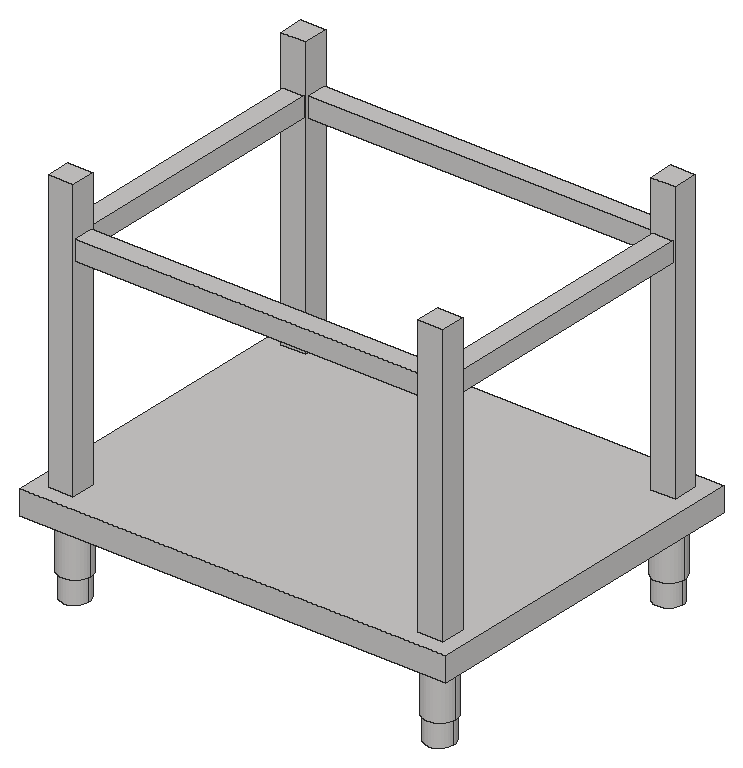
Revit family "QF_ELECTROLUXPROFESSIONAL_922613_OPBATRSU61021", category Attrezzature speciali, Revit 2020
Family settings
  Quota connettore circolare = Usa diametro
  Tipo di parte = Normale
  Basato su piano di lavoro = No
  Sempre verticale = Sì
  Taglio con vuoti quando caricato = No
  Condiviso = No
  Punto di calcolo locali = No
Parameters (values of type "Standard")
  Weight = 44.50 kg
  Watts = 0 W
  Volts = 0 V
  URL Manufacturer = "https://www.electroluxprofessional.com/"
  URL = "https://www.electroluxprofessional.com/"
  Steam Supply Size = 0 mm
  Steam Supply Minimum Pressure = 0.0 Pa
  Steam Supply Maximum Pressure = 0.0 Pa
  Steam Consumption per Hour = 0
  Refrigeration Suction Line Size = 0 mm
  Refrigeration Liquid Line Size = 0 mm
  Refrigerant Compressor Remote = yes
  Prospetto di default = 0 mm
  Produttore = "Electrolux Professional"
  Phase = 0
  Modello = "OPBATRSU61021"
  Length Actual = 1088 mm  # constant formula
  Item Number = "922613"
  Hot Water Size = 0 mm
  Height Actual = 770 mm  # constant formula
  HP = "0 HP"
  Gas Size = 0 mm
  Gas KW = 0
  Gas Input Pressure = 0 W
  Direct Waste Size = 0 mm
  Descrizione = "OPEN BASE WITH TRAY SUPPORT FOR 6&10 GN 2/1 OVEN"
  Depth Actual = 901 mm  # constant formula
  Cycle = 0 Hz
  Condensate Return Size = 0 mm
  Compressed Air Volume = 0.0 L/s
  Compressed Air Size = 0 mm
  Compressed Air Pressure = 0.0 Pa
  Cold Water Size = 0 mm
  Accessory = yes
Reference planes
  plane 1 "Center X": y = 92.351
  plane 2: z = 0
  plane 3 "Center Y": x = -326.5
  plane 4 "LEFT": x = -760
  plane 5 "BACK": y = 479.851
  plane 6 "RIGHT": x = 107
  plane 7 "FRONT": y = -295.149
  plane 8: z = 770
  plane 9: z = 670
  plane 10: x = -697
  plane 11: y = 416.851
  plane 12: x = 44
  plane 13: y = -164.149
  plane 14: z = 152
Forms (mm)
  Extrusion 1, solid, material "QF_Finishes_Stainless Steel"
    sketch origin (-1727.799, -4102.149, 648.5) x (-1, 0, 0) y (0, -1, 0)
      loop
        line (-1751.799, -4499) -> (-1801.799, -4499) -> (-1801.799, -4549) -> (-1751.799, -4549) -> (-1751.799, -4499)
      loop
        line (-1751.799, -3908) -> (-1801.799, -3908) -> (-1801.799, -3958) -> (-1751.799, -3958) -> (-1751.799, -3908)
      loop
        line (-1000.799, -3908) -> (-1050.799, -3908) -> (-1050.799, -3958) -> (-1000.799, -3958) -> (-1000.799, -3908)
      loop
        line (-1000.799, -4549) -> (-1000.799, -4499) -> (-1050.799, -4499) -> (-1050.799, -4549) -> (-1000.799, -4549)
    from 121.5 to -446.5
  Extrusion 2, solid, material "QF_Finishes_Stainless Steel"
    sketch origin (-672, 391.851, 648.5) x (0, 1, 0) y (0, 0, 1)
      loop
        line (50, 21.5) -> (10, 21.5) -> (10, -18.5) -> (50, -18.5) -> (50, 21.5)
      loop
        line (-541, 21.5) -> (-581, 21.5) -> (-581, -18.5) -> (-541, -18.5) -> (-541, 21.5)
    from -5 to 696
  Extrusion 3, solid, material "QF_Finishes_Stainless Steel"
    sketch origin (-722, 391.851, 648.5) x (1, 0, 0) y (0, 0, 1)
      loop
        line (40, -18.5) -> (40, 21.5) -> (0, 21.5) -> (0, -18.5) -> (40, -18.5)
      loop
        line (791, -18.5) -> (791, 21.5) -> (751, 21.5) -> (751, -18.5) -> (791, -18.5)
    from -5 to 536
  Extrusion 4, solid, material "QF_Finishes_Stainless Steel"
    sketch origin (-1206.916, -1524, 152) x (-1, 0, 0) y (0, -1, 0)
      loop
        line (-447.916, -2002.851) -> (-447.916, -1297.851) -> (-1312.916, -1297.851) -> (-1312.916, -2002.851) -> (-447.916, -2002.851)
    from 0 to 50
Cuts and joins
  joined: Extrusion 1, Extrusion 2, Extrusion 3, Extrusion 4
Dimensions and locks
  equal spacing: plane 4 "LEFT", plane 3 "Center Y", plane 6 "RIGHT"
  plane 4 "LEFT" to plane 6 "RIGHT" = 867 mm
  plane 5 "BACK" to plane 7 "FRONT" = 775 mm
  equal spacing: plane 5 "BACK", plane 1 "Center X", plane 7 "FRONT"
  aligned and locked: level to plane 2
Automatic sketch dimensions
  Extrusion 2 sketch curve to Extrusion 2 sketch curve = 40 mm  (x3)
  plane 12 to Extrusion 1 sketch curve = 30 mm  (x2)
  Extrusion 1 sketch curve to plane 12 = 20 mm  (x2)
  plane 10 to Extrusion 1 sketch curve = 20 mm  (x2)
  Extrusion 1 sketch curve to plane 10 = 30 mm  (x2)
  plane 11 to Extrusion 1 sketch curve = 30 mm  (x2)
  Extrusion 1 sketch curve to plane 11 = 20 mm  (x2)
  plane 13 to Extrusion 1 sketch curve = 20 mm  (x2)
  Extrusion 1 sketch curve to plane 13 = 30 mm  (x2)
  Extrusion 2 sketch curve to plane 13 = 25 mm
  Extrusion 2 sketch curve to plane 11 = 15 mm
  plane 11 to Extrusion 2 sketch curve = 25 mm
  Extrusion 2 sketch curve to plane 9 = 40 mm  (x2)
  Extrusion 3 sketch curve to plane 9 = 0 mm  (x2)
  Extrusion 3 sketch curve to plane 10 = 25 mm
  plane 10 to Extrusion 3 sketch curve = 15 mm
  Extrusion 3 sketch curve to plane 12 = 15 mm
  plane 12 to Extrusion 3 sketch curve = 25 mm
  Extrusion 3 sketch curve to plane 9 = 40 mm  (x2)
  Extrusion 4 sketch curve to plane 5 "BACK" = 1 mm
  Extrusion 4 sketch curve to plane 6 "RIGHT" = 1 mm
  plane 4 "LEFT" to Extrusion 4 sketch curve = 1 mm
  Extrusion 4 sketch curve to plane 13 = 62 mm
Nested families
  nested 1: "Foot_Adjustable" at (-697, 416.851, 0), type "Foot_Adjustable"
    with Ø2 28 mm, Ø1 32 mm, Ht 152 mm, H1 48 mm
  nested 2: "Foot_Adjustable" at (44, 416.851, 0), type "Foot_Adjustable"
    with Ø2 28 mm, Ø1 32 mm, Ht 152 mm, H1 48 mm
  nested 3: "Foot_Adjustable" at (44, -164.149, 0), type "Foot_Adjustable"
    with Ø2 28 mm, Ø1 32 mm, Ht 152 mm, H1 48 mm
  nested 4: "Foot_Adjustable" at (-697, -164.149, 0), type "Foot_Adjustable"
    with Ø2 28 mm, Ø1 32 mm, Ht 152 mm, H1 48 mm
Definition of nested family "Foot_Adjustable"
  Parameters (values of type "Foot_Adjustable")
    Ø2 [instance] = 25 mm
    Ø1 [instance] = 29 mm
    Default Elevation = 0 mm
    H1 [instance] = 48 mm
    Ht [instance] = 150 mm
  Reference planes
    plane 1 "Centro (Fronte/Retro)": y = 0
    plane 2: z = 0
    plane 3 "Centro (Sinistra/Destra)": x = 0
    plane 4: z = 150
  Forms (mm)
    Revolve 1, solid
      sketch origin (255.05, 0, 608.09) x (0, 0, 1) y (-1, 0, 0)
        loop
          line (-608.09, 255.05) -> (-608.09, 230.05) -> (-560.09, 230.05) -> (-560.09, 226.05) -> (-458.09, 226.05) -> (-458.09, 255.05) -> (-608.09, 255.05)
        axis (-608.09, 255.05) -> (-458.09, 255.05)
      angle from 0 to 360
  Dimensions and locks
    "H1": level to Revolve 1 sketch curve
    "Ht": plane 4 to level
    "Ø2": Revolve 1 sketch curve to Revolve 1 sketch curve
    "Ø1": Revolve 1 sketch curve to Revolve 1 sketch curve
    aligned and locked: level to plane 2
    aligned and locked: plane 4 to Revolve 1 sketch curve
    aligned and locked: Revolve 1 sketch curve to level
    aligned and locked: plane 3 "Centro (Sinistra/Destra)" to Revolve 1 sketch curve
  Automatic sketch dimensions
    Revolve 1 sketch curve to plane 3 "Centro (Sinistra/Destra)" = 0 mm
    plane 4 to Revolve 1 sketch curve = 50 mm
    Revolve 1 sketch curve to Revolve 1 sketch curve = 20 mm
